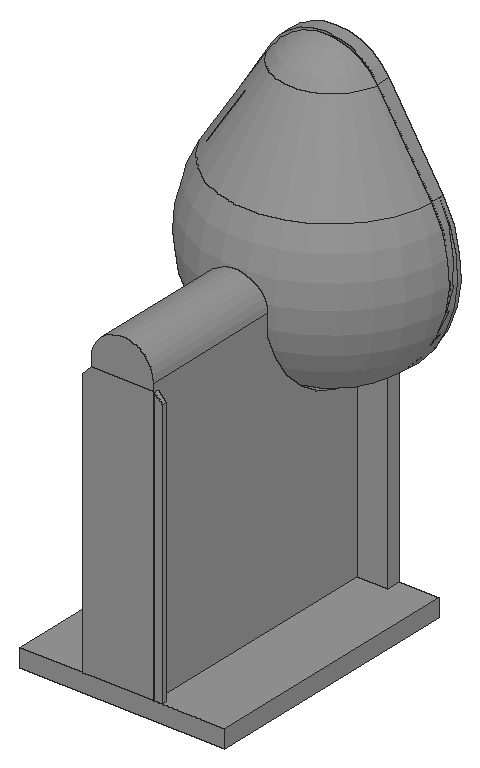
Revit family "Toilet-Willoughby-ETWS-1490-FM-TS", category Plumbing Fixtures, Revit 2015
Parameters (values of type "Standard")
  Waste DIA = 2 3/8"
  Waste Connection = yes
  W-RAD [instance] = Waste DIA / 2  # 0' - 1 3/16"
  Vent Connection = no
  URL = "https://www.willoughby-ind.com/wp-content/uploads/2017/12/ETWS-1490-FM.pdf"
  Type Comments = ""
  Revision = "A"
  Model = "ETWS-1490-FM-TS"
  Manufacturer = "Willoughby Industries"
  HW Connection = no
  Flush inlet DIA = 1 1/2"
  Flush Inlet Connection = yes
  Fixture Body = Stainless Steel AISI 304-Willoughby
  F-RAD [instance] = Flush inlet DIA / 2  # 0' - 0 3/4"
  Description = "Floor Mounted Siphon Jet Flush Toilet, Top Spud"
  Default Elevation = 0' - 0"
  Contact Number = "(800) 428-4065"
  CW Connection = no
Reference planes (in)
  plane 1 "Base": y = -16.25
  plane 2: z = 0
  plane 3 "Center": x = 18.31072
  plane 4 "Seat HGT": y = -1.25
  plane 5: y = -2.125
  plane 6: x = 16.56072
  plane 7: x = 20.06072
  plane 8: x = 12.56072
  plane 9: x = 24.06072
  plane 10: z = 2.75
  plane 11 "Waste HGT": y = -10.75
  plane 12: z = 27.75
Forms (in)
  Extrusion 1, solid, material "Stainless Steel AISI 304-Willoughby" <- "Fixture Body"
    sketch origin (16.08109, 7.47968, -5.1422) x (-1, 0, 0) y (0, 0, -1)
      loop
        line (1.29775, -16.80087) -> (1.29775, -5.1422) -> (-5.72963, -5.1422) -> (-5.72963, -16.81676)
        arc (-5.72963, -16.81676) -> (-8.98136, -21.11843) -> (-8.21015, -26.45542) r 7
        line (-8.21015, -26.45542) -> (-5.16818, -31.31054)
        arc (-5.16818, -31.31054) -> (-2.20225, -32.95225) -> (0.76368, -31.31054) r 3.5
        line (0.76368, -31.31054) -> (3.80565, -26.45542)
        arc (3.80565, -26.45542) -> (4.5729, -21.10311) -> (1.29775, -16.80087) r 7
      loop
        arc (2.03989, -24.70557) -> (-2.20225, -18.23804) -> (-6.44438, -24.70557) r 4.625
        line (-6.44438, -24.70557) -> (-4.04125, -30.23842)
        arc (-4.04125, -30.23842) -> (-2.20225, -31.45225) -> (-0.36324, -30.23842) r 2
        line (-0.36324, -30.23842) -> (2.03989, -24.70557)
    from 8.72968 to 9.5
  Revolve 2, solid, material "Stainless Steel AISI 304-Willoughby" <- "Fixture Body"
    sketch origin (19.37246, -1.52032, -1.93826) x (-1, 0, 0) y (0, 0, -1)
      loop
        line (1.06174, -12.59906) -> (1.06174, -12.84906)
        arc (1.06174, -12.84906) -> (6.96784, -16.33096) -> (6.78077, -23.18447) r 6.75
        line (6.78077, -23.18447) -> (3.81535, -27.91457)
        arc (3.81535, -27.91457) -> (2.63527, -29.03194) -> (1.06174, -29.43826) r 3.25
        line (1.06174, -29.43826) -> (1.06174, -29.68826)
        arc (1.06174, -29.68826) -> (2.75672, -29.25045) -> (4.02767, -28.04656) r 3.5
        line (4.02767, -28.04656) -> (7.06964, -23.19143)
        arc (7.06964, -23.19143) -> (7.15052, -16.14555) -> (1.06174, -12.59906) r 7
      axis (1.06174, -12.59906) -> (1.06174, -29.68826)
    angle from 0 to -180
  Extrusion 3, solid, material "Stainless Steel AISI 304-Willoughby" <- "Fixture Body"
    sketch origin (19.53334, -3.02032, -2.9508) x (0, 1, 0) y (0, 0, 1)
      loop
        line (-5.27082, 2.9508) -> (1, 2.9508) -> (1, 13.76086)
        arc (1, 13.76086) -> (-2.93256, 15.26109) -> (-5.27082, 18.76086) r 6.92744
        line (-5.27082, 18.76086) -> (-5.27082, 2.9508)
    from 0.52738 to -2.97262
  Extrusion 4, solid, material "Stainless Steel AISI 304-Willoughby" <- "Fixture Body"
    sketch origin (0, 14.59309, 0) x (1, 0, 0) y (0, 1, 0)
      loop
        circle (18.31072, -25.34309) r 1.1875
    from 1 to -3
  Extrusion 5, solid, material "Stainless Steel AISI 304-Willoughby" <- "Fixture Body"
    sketch origin (0, 1.11185, 0) x (1, 0, 0) y (0, 0, 1)
      loop
        circle (18.31072, 2.75) r 0.75
    from 2.36185 to 1.42435
  Extrusion 6, solid, material "Stainless Steel AISI 304-Willoughby" <- "Fixture Body"
    sketch origin (0, -16.25, 0) x (1, 0, 0) y (0, 0, 1)
      loop
        line (24.06072, 0) -> (24.06072, 1) -> (12.56072, 1) -> (12.56072, 0) -> (24.06072, 0)
    from -15 to 0
  Extrusion 7, solid, material "Stainless Steel AISI 304-Willoughby" <- "Fixture Body"
    sketch origin (0, -16.25, 2) x (1, 0, 0) y (0, 0, 1)
      loop
        line (20.06072, -2) -> (20.06072, 14.94894)
        arc (20.06072, 14.94894) -> (18.31072, 16.69894) -> (16.56072, 14.94894) r 1.75
        line (16.56072, 14.94894) -> (16.56072, -2) -> (20.06072, -2)
    from 0 to -7.95886
  Extrusion 8, solid, material "Stainless Steel AISI 304-Willoughby" <- "Fixture Body"
    sketch origin (0, -16.25, 0) x (1, 0, 0) y (0, 0, 1)
      loop
        line (20.56072, 1) -> (20.56072, 16.04076) -> (20.06072, 16.54076) -> (16.56072, 16.54076) -> (16.06072, 16.04076) -> (16.06072, 1) -> (16.56072, 1) -> (20.56072, 1)
    from 0 to -0.25
Cuts and joins
  joined: Extrusion 1, Extrusion 3, Extrusion 6, Extrusion 7
Lines and regions (in)
  symbolic lines
    curve 1: line (11.28334, -2.02032, 0) -> (11.28334, -1.25, 0)
    curve 2: line (11.28334, -1.25, 0) -> (25.28334, -1.25, 0)
    curve 3: line (25.28334, -1.25, 0) -> (25.28334, -2.02032, 0)
    curve 4: arc (25.28334, -2.02032, 0) -> (23.10099, -6.63946, 0) -> (18.31072, -8.41496, 0) r 6.76417
    curve 5: arc (18.31072, -8.41496, 0) -> (13.51474, -6.62681, 0) -> (11.28334, -2.02032, 0) r 6.8754
    curve 6: line (24.06072, -5.54725, 0) -> (24.06072, -16.25, 0)
    curve 7: line (24.06072, -16.25, 0) -> (12.56072, -16.25, 0)
    curve 8: line (12.56072, -16.25, 0) -> (12.56072, -5.55658, 0)
    curve 9: line (20.06072, -8.24279, 0) -> (20.06072, -16.25, 0)
    curve 10: line (16.56072, -8.2327, 0) -> (16.56072, -16.25, 0)
    curve 11: line (20.06072, -16, 0) -> (20.56072, -16, 0)
    curve 12: line (20.56072, -16, 0) -> (20.56072, -16.25, 0)
    curve 13: line (16.56072, -16, 0) -> (16.06072, -16, 0)
    curve 14: line (16.06072, -16, 0) -> (16.06072, -16.25, 0)
    curve 15: line (14.78334, -16.25, 11.65867) -> (14.78334, -16.25, 1)
    curve 16: line (14.78334, -16.25, 1) -> (12.56072, -16.25, 1)
    curve 17: line (12.56072, -16.25, 1) -> (12.56072, -16.25, 0)
    curve 18: line (12.56072, -16.25, 0) -> (24.06072, -16.25, 0)
    curve 19: line (24.06072, -16.25, 0) -> (24.06072, -16.25, 1)
    curve 20: line (24.06072, -16.25, 1) -> (21.81072, -16.25, 1)
    curve 21: line (21.81072, -16.25, 1) -> (21.81072, -16.25, 11.67456)
    curve 22: arc (21.81072, -16.25, 11.67456) -> (25.08541, -16.25, 15.97033) -> (24.29124, -16.25, 21.31322) r 6.94458
    curve 23: line (24.29124, -16.25, 21.31322) -> (21.24927, -16.25, 26.16835)
    curve 24: arc (21.24927, -16.25, 26.16835) -> (19.97832, -16.25, 27.37224) -> (18.28334, -16.25, 27.81005) r 3.5
    curve 25: arc (18.28334, -16.25, 27.81005) -> (16.58835, -16.25, 27.37224) -> (15.31741, -16.25, 26.16835) r 3.5
    curve 26: line (15.31741, -16.25, 26.16835) -> (12.35249, -16.25, 21.43905)
    curve 27: arc (12.35249, -16.25, 21.43905) -> (11.49002, -16.25, 16.03241) -> (14.78334, -16.25, 11.65867) r 7
    curve 33: line (18.31072, -8.42861, 18.69535) -> (18.31072, -16.25, 18.69535)
    curve 34: line (18.31072, -16.25, 18.69535) -> (18.31072, -16.25, 0)
    curve 35: line (18.31072, -16.25, 0) -> (18.31072, -1.25, 0)
    curve 36: line (18.31072, -1.25, 0) -> (18.31072, -1.25, 27.81005)
    curve 37: line (18.31072, -1.25, 27.81005) -> (18.31072, -2.02032, 27.81005)
    curve 38: arc (18.31072, -2.02032, 27.81005) -> (18.31072, -3.3009, 27.25737) -> (18.31072, -4.32667, 26.31229) r 4.1579
    curve 39: line (18.31072, -4.32667, 26.31229) -> (18.31072, -7.52822, 21.25317)
    curve 40: arc (18.31072, -7.52822, 21.25317) -> (18.31072, -8.12338, 20.02529) -> (18.31072, -8.42861, 18.69535) r 6.05743
    curve 41: arc (18.31072, -8.42861, 18.69535) -> (18.31072, -8.31429, 17.25487) -> (18.31072, -8.29114, 15.81005) r 22.87654
    curve 42: arc (18.31072, -8.29114, 15.81005) -> (18.31072, -5.95289, 12.31029) -> (18.31072, -2.02032, 10.81005) r 6.92744
    curve 43: line (18.31072, -1.25, 11.65867) -> (18.31072, -2.02032, 11.65867)
    curve 44: line (18.31072, -2.02032, 11.65867) -> (18.31072, -2.02032, 1)
    curve 45: line (18.31072, -2.02032, 1) -> (18.31072, -16.25, 1)
  symbolic lines, detail levels fine
    curve 28: arc (14.0412, -16.25, 19.56337) -> (18.28334, -16.25, 13.09585) -> (22.52547, -16.25, 19.56337) r 4.625
    curve 29: line (22.52547, -16.25, 19.56337) -> (20.23477, -16.25, 24.83738)
    curve 30: arc (20.23477, -16.25, 24.83738) -> (19.45279, -16.25, 25.83044) -> (18.28334, -16.25, 26.31005) r 2.48373
    curve 31: arc (18.28334, -16.25, 26.31005) -> (17.13701, -16.25, 26.04679) -> (16.44433, -16.25, 25.09622) r 1.67984
    curve 32: line (16.44433, -16.25, 25.09622) -> (14.0412, -16.25, 19.56337)
Dimensions and locks (in)
  locked: plane 1 "Base" to plane 4 "Seat HGT" at 15
  locked: plane 11 "Waste HGT" to plane 1 "Base" at 5.5
  locked: plane 1 "Base" to plane 11 "Waste HGT" at 5.5
  locked: plane 8 to plane 9 at 11.5
  locked: plane 8 to plane 3 "Center" at 5.75
  "W-RAD": radius of Extrusion 4 sketch curve
  "F-RAD": radius of Extrusion 5 sketch curve
  aligned and locked: plane 3 "Center" to Extrusion 4 sketch curve
  aligned and locked: plane 3 "Center" to Extrusion 5 sketch curve
  aligned and locked: plane 10 to Extrusion 5 sketch curve
  aligned and locked: plane 11 "Waste HGT" to Extrusion 4 sketch curve
  aligned and locked: cut or joined group of Extrusion 1, Extrusion 3, Extrusion 6, Extrusion 7 to level
  aligned and locked: cut or joined group of Extrusion 1, Extrusion 3, Extrusion 6, Extrusion 7 to cut or joined group of Extrusion 1, Extrusion 3, Extrusion 6, Extrusion 7
Automatic sketch dimensions
  Extrusion 1 sketch curve to Extrusion 1 sketch curve = 0' - 0"  (x8)
  level to Extrusion 1 sketch curve = 0' - 0"
  plane 3 "Center" to Extrusion 1 sketch curve = 0' - 5.98052"
  Extrusion 1 sketch curve to Extrusion 1 sketch curve = 0' - 1.76576"  (x2)
  plane 3 "Center" to Extrusion 1 sketch curve = 0' - 3 1/2"
  plane 3 "Center" to Extrusion 1 sketch curve = 0' - 2.93855"
  Extrusion 1 sketch curve to Extrusion 1 sketch curve = 0' - 1.12693"  (x2)
  Extrusion 1 sketch curve to plane 3 "Center" = 0' - 0.02738"  (x2)
  Extrusion 1 sketch curve to plane 3 "Center" = 0' - 1.86639"
  Extrusion 1 sketch curve to plane 3 "Center" = 0' - 3.52738"
  Extrusion 1 sketch curve to plane 3 "Center" = 0' - 4 69/256"
  Extrusion 1 sketch curve to Extrusion 1 sketch curve = 0' - 11.65867"
  Extrusion 1 sketch curve to Extrusion 1 sketch curve = 0' - 0.01589"
  Extrusion 1 sketch curve to Extrusion 1 sketch curve = 0' - 6.06218"
  Extrusion 1 sketch curve to Extrusion 1 sketch curve = 0' - 1.74985"
  Extrusion 1 sketch curve to Extrusion 1 sketch curve = 0' - 4.74668"
  Extrusion 1 sketch curve to Extrusion 1 sketch curve = 0' - 0.78617"
  Extrusion 1 sketch curve to Extrusion 1 sketch curve = 0' - 1.07212"
  Revolve 2 sketch curve to Revolve 2 sketch curve = 0' - 0"  (x2)
  Revolve 2 sketch curve to plane 3 "Center" = 0' - 0"  (x3)
  plane 3 "Center" to Revolve 2 sketch curve = 0' - 0"
  Revolve 2 sketch curve to plane 3 "Center" = 0' - 2.75361"
  Revolve 2 sketch curve to Revolve 2 sketch curve = 0' - 0.21232"
  Revolve 2 sketch curve to Revolve 2 sketch curve = 0' - 2.96542"
  Revolve 2 sketch curve to Revolve 2 sketch curve = 0' - 0.28887"
  level to Revolve 2 sketch curve = 2' - 3 3/4"
  Revolve 2 sketch curve to Revolve 2 sketch curve = 0' - 0 1/4"
  Revolve 2 sketch curve to Revolve 2 sketch curve = 0' - 1.3917"
  Revolve 2 sketch curve to Revolve 2 sketch curve = 0' - 0.13199"
  Revolve 2 sketch curve to Revolve 2 sketch curve = 0' - 4.85513"
  Revolve 2 sketch curve to Revolve 2 sketch curve = 0' - 0.00696"
  Revolve 2 sketch curve to Revolve 2 sketch curve = 0' - 3 1/4"
  Revolve 2 sketch curve to Revolve 2 sketch curve = 0' - 3.3392"
  Revolve 2 sketch curve to Revolve 2 sketch curve = 0' - 2.4108"
  level to Extrusion 3 sketch curve = 0' - 0"
  plane 5 to Extrusion 3 sketch curve = 0' - 0.10468"
  plane 4 "Seat HGT" to Extrusion 3 sketch curve = 0' - 0.38413"
  Extrusion 3 sketch curve to Extrusion 3 sketch curve = 0' - 10.81005"
  Extrusion 3 sketch curve to Extrusion 3 sketch curve = 0' - 5"
  Extrusion 6 sketch curve to plane 8 = 0' - 0"
  Extrusion 6 sketch curve to plane 9 = 0' - 0"
  Extrusion 6 sketch curve to level = 0' - 0"
  level to Extrusion 6 sketch curve = 0' - 1"
  level to Extrusion 7 sketch curve = 0' - 0"
  Extrusion 7 sketch curve to plane 7 = 0' - 0"
  plane 10 to Extrusion 7 sketch curve = 1' - 2.19894"
  plane 6 to Extrusion 7 sketch curve = 0' - 0"
  Extrusion 3 sketch curve to Extrusion 3 sketch curve = 0' - 6.27082"
  Extrusion 8 sketch curve to plane 6 = 0' - 0"  (x2)
  Extrusion 8 sketch curve to plane 7 = 0' - 0"
  Extrusion 8 sketch curve to Extrusion 8 sketch curve = 0' - 0 1/2"  (x3)
  plane 7 to Extrusion 8 sketch curve = 0' - 0 1/2"
  level to Extrusion 8 sketch curve = 0' - 1"
  plane 10 to Extrusion 8 sketch curve = 1' - 1.29076"
  plane 4 "Seat HGT" to curve 1 = 0' - 0"
  curve 7 to plane 8 = 0' - 0"
  plane 1 "Base" to curve 14 = 0' - 0"
  curve 10 to plane 6 = 0' - 0"
  curve 4 to plane 3 "Center" = 0' - 0"
  curve 11 to plane 7 = 0' - 0"
  curve 6 to plane 9 = 0' - 0"
  plane 5 to curve 1 = 0' - 0.10468"
  curve 1 to plane 8 = 0' - 1.27738"
  curve 5 to plane 3 "Center" = 0' - 0.16867"
  plane 3 "Center" to curve 4 = 0' - 0.21836"
  curve 12 to plane 1 "Base" = 0' - 0 1/4"
  plane 7 to curve 12 = 0' - 0 1/2"
  plane 9 to curve 2 = 0' - 1.22262"
  plane 5 to curve 3 = 0' - 0.10468"
  plane 4 "Seat HGT" to curve 4 = 0' - 0.40431"
  curve 14 to curve 10 = 0' - 0 1/2"
  curve 10 to curve 13 = 0' - 0 1/4"
  curve 24 to curve 25 = 0' - 0"
  curve 27 to curve 28 = 0' - 0"  (x2)
  curve 18 to level = 0' - 0"
  curve 18 to plane 8 = 0' - 0"
  curve 19 to plane 9 = 0' - 0"
  curve 26 to plane 8 = 0' - 0.20823"
  curve 15 to plane 6 = 0' - 1.77738"
  curve 26 to plane 6 = 0' - 1.24331"
  curve 30 to plane 3 "Center" = 0' - 0.35407"
  curve 31 to plane 3 "Center" = 0' - 0.24834"
  curve 28 to plane 3 "Center" = 0' - 0.02738"
  curve 25 to plane 3 "Center" = 0' - 0.02738"
  plane 3 "Center" to curve 22 = 0' - 0.04925"
  plane 7 to curve 29 = 0' - 0.17405"
  plane 7 to curve 23 = 0' - 1.18855"
  plane 7 to curve 21 = 0' - 1 3/4"
  curve 29 to plane 9 = 0' - 1.53525"
  plane 9 to curve 23 = 0' - 0.23052"
  level to curve 16 = 0' - 1"
  level to curve 20 = 0' - 1"
  plane 10 to curve 15 = 0' - 8.90867"
  curve 15 to curve 21 = 0' - 0.01589"
  curve 21 to curve 22 = 0' - 6.02656"
  curve 22 to curve 28 = 0' - 0.01972"
  curve 29 to curve 22 = 0' - 1.74985"
  curve 30 to plane 12 = 0' - 3.9021"
  curve 30 to curve 25 = 0' - 0.46215"
  curve 25 to curve 31 = 0' - 0.33476"
  curve 25 to curve 29 = 0' - 0 135/256"
  curve 23 to plane 12 = 0' - 1.58165"
  plane 8 to curve 28 = 0' - 1 123/256"
  curve 32 to plane 6 = 0' - 0.11639"
  curve 31 to curve 30 = 0' - 0"
  curve 34 to plane 1 "Base" = 0' - 0"
  curve 36 to level = 0' - 0"
  curve 36 to plane 4 "Seat HGT" = 0' - 0"
  plane 1 "Base" to curve 41 = 1' - 2.91491"
  plane 11 "Waste HGT" to curve 33 = 0' - 2.32139"
  curve 33 to curve 39 = 0' - 0.90038"
  curve 39 to plane 5 = 0' - 2.20167"
  curve 40 to plane 5 = 0' - 0.28462"
  plane 5 to curve 44 = 0' - 0.10468"
  plane 12 to curve 37 = 0' - 0.06005"
  plane 5 to curve 37 = 0' - 0.10468"
  plane 4 "Seat HGT" to curve 42 = 0' - 0.38413"
  curve 38 to plane 4 "Seat HGT" = 0' - 0.21365"
  plane 10 to curve 43 = 0' - 8.90867"
  curve 41 to plane 12 = 0' - 11.58383"
  curve 43 to curve 42 = 0' - 6.06805"
  curve 42 to curve 40 = 0' - 0.28726"
  curve 34 to plane 12 = 0' - 9.05465"
  curve 38 to plane 12 = 0' - 3.97974"
  plane 11 "Waste HGT" to curve 41 = 0' - 2.45886"
  level to curve 45 = 0' - 1"
Connectors (in)
  piping at (18.31072, -10.75, -3), diameter 2.375, driven by "W-RAD", driven by "Waste Connection"
    settings: on Extrusion 4, index 1, connector inside diameter 2 1/2", connector length 0' - 0", flow factor 0, pipe flow 0 GPM, pressure drop 0.00 psi, fitting loss kfactor 0, connector angle 0.00°, fixture units 0, engagement length 0' - 0", angle of deflection 0.00°, flow configuration 0, flow direction 2, fitting loss method 0, system type 16, joint type 0, gender type 0, connector reference index -1, connector utility 1, adjustable connector yes, is connector primary yes, connector description "Toilet Waste"
  piping at (18.31072, -0.3125, 2.75), diameter 1.5, driven by "F-RAD", driven by "Flush Inlet Connection"
    settings: on Extrusion 5, index 2, connector inside diameter 1 1/2", connector length 0' - 0", flow factor 0, pipe flow 0 GPM, pressure drop 0.00 psi, fitting loss kfactor 0, connector angle 0.00°, fixture units 0, engagement length 0' - 0", angle of deflection 0.00°, flow configuration 0, flow direction 1, fitting loss method 0, system type 20, joint type 0, gender type 0, connector reference index -1, connector utility 1, adjustable connector no, is connector primary no, connector description "Flush Inlet"
